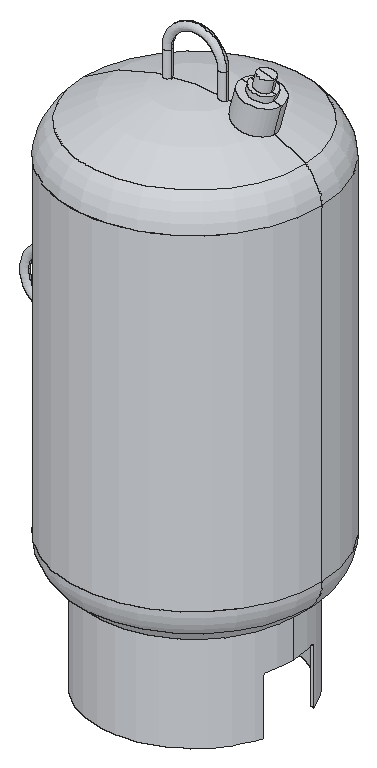
Revit family
Parameters (values of type "85LBC 125# W.P.")
  Weight = "92 lbs"
  Tank Volume = "22 Gal"
  Tank Height/Length = 33.938"
  Tank Diameter = 16.000"
  Side Lifting Ring Location = Shell Length / 2  # 10.094"
  Shell Length = 20.188"
  Pipe Connector Diameter = Pipe Connection Radius * 2  # 1.000"
  Pipe Connection Radius = 0.500"
  Model = "85LBC"
  Maximum Acceptance Volume = "11 Gal"
  Max Operating Temp = "240 DEG F"
  Max Operating Pressure = "125 PSI"
  Manufacturer = "Amtrol"
  Lifting Ring Location = 3.500" / 2  # 1.750"
  Floor to Elbow Centerline = 1.313"
  Floor to Bottom of Tank = 3.286"
  Bladder/Diaphragm = "Bladder"
  ASME = yes
Types (5): name | Weight | Tank Volume | Tank Height/Length | Side Lifting Ring Location | Shell Length | Model | Max Operating Pressure
  (no name) | "92 lbs" | "22 Gal" | 33.938" | 10.094" | 20.188" | "85LBC" | "125 PSI"
  100LBC 150# W.P. 10 BAR | "99 lbs" | "26 Gal" | 38.625" | 12.4375" | 24.875" | "100LBC" | "150 PSI"
  85LBC 150# W.P. 10 BAR | "88 lbs" | "22 Gal" | 33.938" | 10.094" | 20.188" | "85LBC" | "150 PSI"
  85LBC 125# W.P. | "92 lbs" | "22 Gal" | 33.938" | 10.094" | 20.188" | "85LBC" | "125 PSI"
  100LBC 125# W.P. | "99 lbs" | "26 Gal" | 38.625" | 12.4375" | 24.875" | "100LBC" | "125 PSI"
Reference planes (in)
  plane 1 "Center (Front/Back)": y = 0
  plane 2: z = 0
  plane 3 "Center (Left/Right)": x = 0
Forms (in)
  Revolve 1, solid
    sketch origin (0, 0, 0) x (1, 0, 0) y (0, 0, 1)
      loop
        line (-6.21408, 0) -> (-6.02608, 0) -> (-6.02608, 7.44707) -> (-6.21408, 7.44707) -> (-6.21408, 0)
      axis (0, 0) -> (0, 7.44707)
    angle from 0 to 360
  Revolve 2, solid
    sketch origin (0, 0, 0) x (1, 0, 0) y (0, 0, 1)
      loop
        line (0.6492, 3.3675) -> (0.6492, 4.19707) -> (0, 4.19707) -> (0, 3.3675) -> (0.6492, 3.3675)
      axis (0, 3.3675) -> (0, 4.19707)
    angle from 0 to 360
  Extrusion 3, void
    sketch origin (0, 0, 0) x (0, 1, 0) y (0, 0, 1)
      loop
        line (0, 3.70581) -> (-1.75, 3.70581)
        arc (-1.75, 3.70581) -> (-1.92678, 3.63258) -> (-2, 3.45581) r 0.25
        line (-2, 3.45581) -> (-2, -0.25) -> (2, -0.25) -> (2, 3.45581)
        arc (2, 3.45581) -> (1.92678, 3.63258) -> (1.75, 3.70581) r 0.25
        line (1.75, 3.70581) -> (0, 3.70581)
    from 3.88729 to 12
  Sweep 4, solid
    path origin (0, 0, 0) x (1, 0, 0) y (0, 0, 1)
      loop
        line (0, 2.813) -> (0, 2.511)
        arc (0, 2.511) -> (0.35089, 1.66389) -> (1.198, 1.313) r 1.198
        line (1.198, 1.313) -> (1.5, 1.313)
    profile origin (0, 0, 2.662) x (0, -1, 0) y (1, 0, 0)
      loop
        circle (0, 0) r 0.75
  Revolve 5, solid
    sketch origin (0, 0, 0) x (1, 0, 0) y (0, 0, 1)
      loop
        arc (8, 29.88889) -> (7.69523, 30.99622) -> (6.97852, 31.89366) r 2.85302
        arc (6.97852, 31.89366) -> (3.64531, 33.44851) -> (0, 33.938) r 12.18572
        line (0, 33.938) -> (0, 3.286) -> (3.18292, 3.286) -> (3.18292, 3.786) -> (2.165, 3.786) -> (2.165, 3.982) -> (3.18292, 3.982) -> (3.18292, 4.89275)
        arc (3.18292, 4.89275) -> (3.29039, 4.93727) -> (3.33491, 5.04474) r 0.15199
        arc (3.33491, 5.04474) -> (5.51061, 5.73074) -> (7.34444, 7.0877) r 6.911
        arc (7.34444, 7.0877) -> (7.82992, 7.83527) -> (8, 8.71027) r 2.33578
        line (8, 8.71027) -> (8, 29.88889)
      axis (0, 3.286) -> (0, 33.938)
    angle from 0 to 360
  Revolve 6, solid
    sketch origin (0, 0, 0) x (1, 0, 0) y (0, 0, 1)
      loop
        line (0, 2.813) -> (0.65074, 2.813) -> (0.65074, 4.313) -> (0, 4.313) -> (0, 2.813)
      axis (0, 2.813) -> (0, 4.313)
    angle from 0 to 360
  Revolve 7, solid
    sketch origin (0, 0, 0) x (1, 0, 0) y (0, 0, 1)
      loop
        line (3.71899, 33.13446) -> (4.98039, 32.79647) -> (5.47078, 34.62663) -> (4.98781, 34.75604) -> (5.08486, 35.11823) -> (4.81775, 35.1898) -> (5.01993, 35.94437) -> (4.50861, 36.08137) -> (3.71899, 33.13446)
      axis (3.71899, 33.13446) -> (4.50861, 36.08137)
    angle from 0 to 360
  Sweep 8, solid
    path origin (0, 0, 0) x (1, 0, 0) y (0, 0, 1)
      loop
        line (-1.72794, 33.65652) -> (-1.72794, 35.40652)
        arc (-1.72794, 35.40652) -> (0.02206, 37.15652) -> (1.77206, 35.40652) r 1.75
        line (1.77206, 35.40652) -> (1.77206, 33.65652)
    profile origin (-1.72794, 0, 34.53152) x (-1, 0, 0) y (0, -1, 0)
      loop
        circle (0, 0) r 0.25
  Sweep 9, solid
    path origin (0, 0, 0) x (1, 0, 0) y (0, 0, 1)
      loop
        line (-7.93624, 21.54489) -> (-8.93624, 21.54489)
        arc (-8.93624, 21.54489) -> (-10.68624, 19.79489) -> (-8.93624, 18.04489) r 1.75
        line (-8.93624, 18.04489) -> (-7.93624, 18.04489)
    profile origin (-8.43624, 0, 21.54489) x (0, 0, -1) y (0, -1, 0)
      loop
        circle (0, 0) r 0.25
Cuts and joins
  Extrusion 3 cuts Revolve 1
  Extrusion 3 cuts Revolve 2
Dimensions and locks (in)
  "Floor to Elbow Centerline": Sweep 4 sketch curve to cut or joined group of Revolve 1, Extrusion 3
  "Floor to Bottom of Tank": Revolve 5 sketch curve to cut or joined group of Revolve 1, Extrusion 3
  "Tank Height/Length": Revolve 5 sketch curve to cut or joined group of Revolve 1, Extrusion 3
  Revolve 5 sketch curve to Revolve 5 sketch curve = 9.35369"
  Revolve 7 sketch curve to Revolve 5 = 0.90281"
  Revolve 7 sketch curve to Revolve 5 = 1.2408"
  Revolve 7 sketch curve to Revolve 7 sketch curve = 3.05087"
  Revolve 7 sketch curve to Revolve 7 sketch curve = 2.26969"
  Revolve 7 sketch curve to Revolve 7 sketch curve = 1.89473"
  Sweep 8 sketch curve to Revolve 5 = 1.76286"  (x2)
  "Side Lifting Ring Location": Revolve 5 to Sweep 9 sketch curve
  aligned and locked: import instance to plane 3 "Center (Left/Right)"
Automatic sketch dimensions
  Revolve 2 sketch curve to plane 3 "Center (Left/Right)" = 0.000"  (x2)
  plane 3 "Center (Left/Right)" to Revolve 2 sketch curve = 0.6492"
  level to Revolve 2 sketch curve = 3.3675"
  Revolve 2 sketch curve to Revolve 2 sketch curve = 0.000"
  Revolve 2 sketch curve to Revolve 2 sketch curve = 0.82957"
  Revolve 2 sketch curve to Revolve 2 sketch curve = 1.25068"
  Extrusion 3 sketch curve to plane 1 "Center (Front/Back)" = 0.000"
  plane 1 "Center (Front/Back)" to Extrusion 3 sketch curve = 1.750"
  Extrusion 3 sketch curve to Extrusion 3 sketch curve = 0.250"  (x2)
  Extrusion 3 sketch curve to plane 1 "Center (Front/Back)" = 1.750"
  Extrusion 3 sketch curve to level = 0.250"
  level to Extrusion 3 sketch curve = 3.45581"
  Sweep 4 sketch curve to plane 3 "Center (Left/Right)" = 0.000"
  Sweep 4 sketch curve to Sweep 4 sketch curve = 1.198"
  Sweep 4 sketch curve to Sweep 4 sketch curve = 0.302"  (x2)
  plane 1 "Center (Front/Back)" to Sweep 4 sketch curve = 0.000"
  Sweep 4 sketch curve to profile plane = 0.000"
  Revolve 5 sketch curve to plane 3 "Center (Left/Right)" = 0.000"  (x2)
  plane 3 "Center (Left/Right)" to Revolve 5 sketch curve = 0.2195"
  plane 3 "Center (Left/Right)" to Revolve 5 sketch curve = 2.165"
  plane 3 "Center (Left/Right)" to Revolve 5 sketch curve = 2.37308"
  Revolve 5 sketch curve to Revolve 5 sketch curve = 1.01792"
  Revolve 5 sketch curve to Revolve 5 sketch curve = 0.000"  (x3)
  Revolve 5 sketch curve to Revolve 5 sketch curve = 0.15199"
  plane 3 "Center (Left/Right)" to Revolve 5 sketch curve = 5.15317"
  Revolve 5 sketch curve to Revolve 5 sketch curve = 2.32931"
  Revolve 5 sketch curve to Revolve 5 sketch curve = 1.82535"
  Revolve 5 sketch curve to Revolve 5 sketch curve = 1.68022"
  Revolve 5 sketch curve to Revolve 5 sketch curve = 1.02148"
  Revolve 5 sketch curve to Revolve 5 sketch curve = 0.500"
  Revolve 5 sketch curve to Revolve 5 sketch curve = 0.196"
  Revolve 5 sketch curve to Revolve 5 sketch curve = 0.91075"
  Revolve 5 sketch curve to Revolve 5 sketch curve = 0.18791"
  Revolve 5 sketch curve to Revolve 5 sketch curve = 4.64337"
  Revolve 6 sketch curve to plane 3 "Center (Left/Right)" = 0.000"  (x2)
  plane 3 "Center (Left/Right)" to Revolve 6 sketch curve = 0.65074"
  level to Revolve 6 sketch curve = 2.813"
  Revolve 6 sketch curve to Revolve 6 sketch curve = 0.000"
  Revolve 6 sketch curve to Revolve 6 sketch curve = 1.500"
  Revolve 6 sketch curve to Revolve 6 sketch curve = 0.500"
  Revolve 1 sketch curve to level = 0.000"  (x2)
  Revolve 1 sketch curve to plane 3 "Center (Left/Right)" = 0.000"
  Revolve 1 sketch curve to plane 3 "Center (Left/Right)" = 6.02608"
  Revolve 1 sketch curve to Revolve 1 sketch curve = 0.188"
  level to Revolve 1 sketch curve = 7.44707"
  Revolve 1 sketch curve to Revolve 1 sketch curve = 1.05293"
  plane 3 "Center (Left/Right)" to Revolve 7 sketch curve = 3.71899"
  Revolve 7 sketch curve to Revolve 7 sketch curve = 0.01295"
  Revolve 7 sketch curve to Revolve 7 sketch curve = 0.78962"
  Revolve 7 sketch curve to Revolve 7 sketch curve = 0.16799"
  Revolve 7 sketch curve to Revolve 7 sketch curve = 0.65303"
  Revolve 7 sketch curve to Revolve 7 sketch curve = 0.17006"
  Revolve 7 sketch curve to Revolve 7 sketch curve = 0.04834"
  Revolve 7 sketch curve to Revolve 7 sketch curve = 0.62696"
  Sweep 8 sketch curve to plane 3 "Center (Left/Right)" = 1.72794"
  plane 3 "Center (Left/Right)" to Sweep 8 sketch curve = 0.02206"
  Sweep 8 sketch curve to Sweep 8 sketch curve = 1.750"
  plane 1 "Center (Front/Back)" to Sweep 8 sketch curve = 0.000"
  Sweep 8 sketch curve to profile plane = 0.000"
  Sweep 9 sketch curve to plane 3 "Center (Left/Right)" = 8.93624"
  Sweep 9 sketch curve to Sweep 9 sketch curve = 1.000"  (x2)
  Sweep 9 sketch curve to Sweep 9 sketch curve = 1.750"
  Sweep 9 sketch curve to plane 1 "Center (Front/Back)" = 0.000"
  Sweep 9 sketch curve to profile plane = 0.000"
  radius of Sweep 4 sketch curve = 0.750"
  radius of Sweep 8 sketch curve = 0.250"
  radius of Sweep 9 sketch curve = 0.250"
Connectors (in)
  piping at (1.5, 0, 1.313), driven by "Pipe Connection Radius"
    settings: on Sweep 4, index 1
